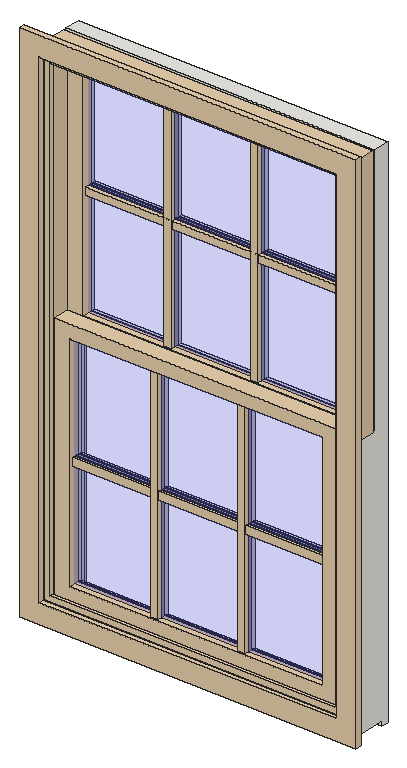
Revit family "Window-Double_Hung-Andersen-400_Series-Tilt_Wash 2", category Windows, host Wall, Revit 2013 (continued)
Dimensions and locks (in)
  "Rough Opening Offset": plane 24 "R Rough Opening" to plane 4 "R Frame"
  "Rough Opening Offset": plane 5 "L Frame" to plane 14 "L Rough Opening"
  locked: plane 13 "L Xjamb 2" to plane 5 "L Frame" at 0.0625
  locked: plane 4 "R Frame" to plane 23 "R Xjamb 2" at 0.0625
  "VGB DLO": plane 18 "R Glazing" to nested 10
  "xjamb S1": host wall to plane 76 "Xjamb S1"
  locked: plane 51 "Flange" to plane 77 "Sash1 S1" at 0.46875
  locked: plane 51 "Flange" to plane 79 "Frame S1.2" at 0.25
  locked: plane 78 "Frame S1.1" to plane 51 "Flange" at 0.5625
  locked: plane 4 "R Frame" to plane 80 "R Ext Frame1" at 1.40625
  locked: plane 4 "R Frame" to plane 81 "R Ext Frame2" at 0.8125
  locked: plane 83 "L Ext Frame2" to plane 5 "L Frame" at 0.8125
  locked: plane 82 "L Ext Frame1" to plane 5 "L Frame" at 1.40625
  locked: plane 84 "T Ext Frame1" to plane 7 "T Frame" at 1.25
  locked: plane 85 "B Sill Drop" to plane 6 "B Frame" at 0.5625
  "Void Offset 2": Extrusion 2 sketch curve to plane 85 "B Sill Drop"
  "sill nose 2": plane 45 "B Casing 2" to plane 85 "B Sill Drop"
  locked: plane 44 "B Casing 1" to plane 85 "B Sill Drop" at 0.1875
  locked: plane 2 to plane 7 "T Frame" at 82.5
  equal spacing: plane 72 "R Masonry Opening", plane 3 "Center (Left/Right)", plane 73 "L Masonry Opening"
  "Masonry Width": plane 72 "R Masonry Opening" to plane 73 "L Masonry Opening"
  "Sill MO Offset": plane 75 "B Masonry Opening" to plane 85 "B Sill Drop"
  "Head MO Offset": plane 7 "T Frame" to plane 74 "T Masonry Opening"
  locked: plane 44 "B Casing 1" to Masking region 5 sketch curve (angle 10.00°)
  locked: plane 44 "B Casing 1" to Masking region 6 sketch curve (angle 10.00°)
  locked: plane 44 "B Casing 1" to Extrusion 5 sketch curve (angle 10.00°)
  aligned and locked: level to plane 2
  aligned and locked: plane 7 "T Frame" to Extrusion 1 sketch curve
  aligned and locked: plane 5 "L Frame" to Extrusion 1 sketch curve
  aligned and locked: Extrusion 1 sketch curve to plane 4 "R Frame"
  aligned and locked: Extrusion 1 sketch curve to plane 6 "B Frame"
  aligned and locked: host wall to Extrusion 1
  aligned and locked: plane 51 "Flange" to Extrusion 1
  aligned and locked: Masking region 1 sketch curve to plane 50 "Frame S1"
  aligned and locked: plane 63 "Frame S2" to Masking region 1 sketch curve
  aligned and locked: Masking region 1 sketch curve to plane 4 "R Frame"
  aligned and locked: plane 5 "L Frame" to Masking region 1 sketch curve
  aligned and locked: plane 51 "Flange" to Masking region 2 sketch curve  (x2)
  aligned and locked: plane 4 "R Frame" to Masking region 2 sketch curve
  aligned and locked: plane 50 "Frame S1" to Masking region 2 sketch curve
  aligned and locked: Masking region 2 sketch curve to plane 5 "L Frame"
  aligned and locked: plane 17 "L Casing 4" to Masking region 2 sketch curve
  aligned and locked: Masking region 2 sketch curve to plane 48 "Casing S1"
  aligned and locked: plane 16 "L Casing 3" to curve 1
  aligned and locked: plane 48 "Casing S1" to curve 1
  aligned and locked: plane 49 "Casing S2" to curve 1
  aligned and locked: plane 12 "L Casing 1" to curve 3
  aligned and locked: plane 50 "Frame S1" to curve 3
  aligned and locked: plane 15 "L Casing 2" to curve 2
  aligned and locked: Masking region 2 sketch curve to plane 27 "R Casing 4"
  aligned and locked: plane 26 "R Casing 3" to curve 4
  aligned and locked: plane 48 "Casing S1" to curve 4
  aligned and locked: plane 22 "R Casing 1" to curve 6
  aligned and locked: plane 50 "Frame S1" to curve 6
  aligned and locked: plane 25 "R Casing 2" to curve 5
  aligned and locked: plane 18 "R Glazing" to curve 8
  aligned and locked: plane 18 "R Glazing" to curve 11
  aligned and locked: plane 8 "L Glazing" to curve 8
  aligned and locked: plane 8 "L Glazing" to curve 11
  aligned and locked: curve 7 to plane 52 "Glass1 S1"
  aligned and locked: curve 8 to plane 53 "Glass1 S2"
  aligned and locked: curve 9 to plane 54 "Glass1 S3"
  aligned and locked: curve 10 to plane 55 "Glass1 S4"
  aligned and locked: curve 11 to plane 58 "Glass2 S1"
  aligned and locked: curve 12 to plane 59 "Glass2 S2"
  aligned and locked: curve 13 to plane 60 "Glass2 S3"
  aligned and locked: curve 14 to plane 61 "Glass2 S4"
  aligned and locked: plane 63 "Frame S2" to curve 21
  aligned and locked: plane 56 "Sash1 S2" to curve 17
  aligned and locked: curve 18 to plane 57 "Sash2 S1"
  aligned and locked: plane 62 "Sash2 S2" to curve 20
  aligned and locked: plane 18 "R Glazing" to curve 19
  aligned and locked: plane 63 "Frame S2" to curve 28
  aligned and locked: curve 24 to plane 56 "Sash1 S2"
  aligned and locked: plane 57 "Sash2 S1" to curve 25
  aligned and locked: curve 27 to plane 62 "Sash2 S2"
  aligned and locked: plane 8 "L Glazing" to curve 26
  aligned and locked: plane 8 "L Glazing" to curve 23
  aligned and locked: Masking region 3 sketch curve to plane 4 "R Frame"
  aligned and locked: plane 5 "L Frame" to Masking region 3 sketch curve
  aligned and locked: Masking region 3 sketch curve to plane 68 "Exterior Offset"
  aligned and locked: plane 68 "Exterior Offset" to curve 29
  aligned and locked: host wall to curve 29
  aligned and locked: plane 68 "Exterior Offset" to curve 30
  aligned and locked: host wall to curve 31
  aligned and locked: plane 7 "T Frame" to Masking region 4 sketch curve
  aligned and locked: Masking region 4 sketch curve to plane 6 "B Frame"
  aligned and locked: plane 63 "Frame S2" to Masking region 4 sketch curve
  aligned and locked: Masking region 4 sketch curve to plane 50 "Frame S1"
  aligned and locked: plane 50 "Frame S1" to Masking region 5 sketch curve
  aligned and locked: Masking region 5 sketch curve to plane 50 "Frame S1"
  aligned and locked: Masking region 5 sketch curve to plane 51 "Flange"
  aligned and locked: plane 45 "B Casing 2" to Masking region 5 sketch curve
  aligned and locked: Masking region 6 sketch curve to plane 50 "Frame S1"
  aligned and locked: plane 48 "Casing S1" to Masking region 6 sketch curve
  aligned and locked: Masking region 6 sketch curve to plane 38 "T Casing 4"
  aligned and locked: Masking region 6 sketch curve to plane 51 "Flange"
  aligned and locked: plane 7 "T Frame" to Masking region 6 sketch curve
  aligned and locked: plane 49 "Casing S2" to curve 33
  aligned and locked: plane 33 "T Casing 1" to curve 35
  aligned and locked: plane 50 "Frame S1" to curve 35
  aligned and locked: plane 29 "T Glazing" to curve 36
  aligned and locked: plane 29 "T Glazing" to curve 38
  aligned and locked: plane 29 "T Glazing" to curve 40
  aligned and locked: plane 29 "T Glazing" to curve 42
  aligned and locked: plane 67 "T Check Rail" to curve 36
  aligned and locked: plane 67 "T Check Rail" to curve 38
  aligned and locked: plane 67 "T Check Rail" to curve 40
  aligned and locked: plane 67 "T Check Rail" to curve 42
  aligned and locked: plane 65 "B Check Rail" to curve 37
  aligned and locked: plane 65 "B Check Rail" to curve 39
  aligned and locked: plane 65 "B Check Rail" to curve 41
  aligned and locked: plane 65 "B Check Rail" to curve 43
  aligned and locked: plane 40 "B Glazing" to curve 37
  aligned and locked: plane 40 "B Glazing" to curve 39
  aligned and locked: plane 40 "B Glazing" to curve 41
  aligned and locked: plane 40 "B Glazing" to curve 43
  aligned and locked: plane 52 "Glass1 S1" to curve 36
  aligned and locked: plane 53 "Glass1 S2" to curve 38
  aligned and locked: plane 54 "Glass1 S3" to curve 40
  aligned and locked: plane 55 "Glass1 S4" to curve 42
  aligned and locked: plane 58 "Glass2 S1" to curve 37
  aligned and locked: plane 59 "Glass2 S2" to curve 39
  aligned and locked: plane 60 "Glass2 S3" to curve 41
  aligned and locked: plane 61 "Glass2 S4" to curve 43
  aligned and locked: plane 38 "T Casing 4" to Masking region 7 sketch curve
  aligned and locked: plane 17 "L Casing 4" to Masking region 7 sketch curve
  aligned and locked: Masking region 7 sketch curve to plane 27 "R Casing 4"
  aligned and locked: Masking region 7 sketch curve to plane 45 "B Casing 2"
  aligned and locked: plane 7 "T Frame" to Masking region 8 sketch curve
  aligned and locked: plane 5 "L Frame" to Masking region 8 sketch curve
  aligned and locked: Masking region 8 sketch curve to plane 4 "R Frame"
  aligned and locked: plane 30 "T Ext Frame" to curve 44
  aligned and locked: plane 9 "L Ext Frame" to curve 45
  aligned and locked: curve 47 to plane 19 "R Ext Frame"
  aligned and locked: curve 46 to plane 41 "B Ext Frame"
  aligned and locked: plane 29 "T Glazing" to curve 48
  aligned and locked: curve 51 to plane 18 "R Glazing"
  aligned and locked: curve 50 to plane 67 "T Check Rail"
  aligned and locked: plane 8 "L Glazing" to curve 49
  aligned and locked: plane 65 "B Check Rail" to curve 52
  aligned and locked: curve 55 to plane 18 "R Glazing"
  aligned and locked: plane 8 "L Glazing" to curve 53
  aligned and locked: curve 54 to plane 40 "B Glazing"
  aligned and locked: plane 5 "L Frame" to curve 57
  aligned and locked: plane 4 "R Frame" to curve 57
  aligned and locked: plane 9 "L Ext Frame" to curve 56
  aligned and locked: plane 19 "R Ext Frame" to curve 56
  aligned and locked: plane 65 "B Check Rail" to curve 56
  aligned and locked: plane 65 "B Check Rail" to curve 57
  aligned and locked: plane 7 "T Frame" to Masking region 9 sketch curve
  aligned and locked: Masking region 9 sketch curve to plane 4 "R Frame"
  aligned and locked: plane 5 "L Frame" to Masking region 9 sketch curve
  aligned and locked: Masking region 9 sketch curve to plane 6 "B Frame"
  aligned and locked: plane 31 "T Int Frame" to curve 58
  aligned and locked: curve 59 to plane 20 "R Int Frame"
  aligned and locked: plane 10 "L Int Frame" to curve 61
  aligned and locked: curve 60 to plane 42 "B Int Frame"
  aligned and locked: plane 4 "R Frame" to curve 62
  aligned and locked: plane 5 "L Frame" to curve 62
  aligned and locked: plane 20 "R Int Frame" to curve 63
  aligned and locked: plane 10 "L Int Frame" to curve 63
  aligned and locked: plane 67 "T Check Rail" to curve 63
  aligned and locked: plane 67 "T Check Rail" to curve 62
  aligned and locked: plane 32 "T Xjamb 1" to Masking region 10 sketch curve
  aligned and locked: Masking region 10 sketch curve to plane 21 "R Xjamb 1"
  aligned and locked: plane 11 "L Xjamb 1" to Masking region 10 sketch curve
  aligned and locked: Masking region 10 sketch curve to plane 64 "B Xjamb 1"
  aligned and locked: Masking region 10 sketch curve to plane 46 "B Int Casing"
  aligned and locked: plane 47 "L Int Casing" to Masking region 10 sketch curve
  aligned and locked: Masking region 10 sketch curve to plane 28 "R Int Casing"
  aligned and locked: plane 39 "T Int Casing" to Masking region 10 sketch curve
  aligned and locked: plane 50 "Frame S1" to curve 64
  aligned and locked: curve 64 to plane 4 "R Frame"
  aligned and locked: plane 50 "Frame S1" to curve 65
  aligned and locked: plane 5 "L Frame" to curve 65
  aligned and locked: Masking region 3 sketch curve to host wall
  aligned and locked: plane 32 "T Xjamb 1" to Extrusion 3 sketch curve
  aligned and locked: plane 34 "T Xjamb 2" to Extrusion 3 sketch curve
  aligned and locked: Extrusion 3 sketch curve to plane 21 "R Xjamb 1"
  aligned and locked: Extrusion 3 sketch curve to plane 23 "R Xjamb 2"
  aligned and locked: plane 11 "L Xjamb 1" to Extrusion 3 sketch curve
  aligned and locked: plane 13 "L Xjamb 2" to Extrusion 3 sketch curve
  aligned and locked: Extrusion 3 sketch curve to plane 64 "B Xjamb 1"
  aligned and locked: Extrusion 3 sketch curve to plane 43 "B Xjamb 2"
  aligned and locked: plane 32 "T Xjamb 1" to Extrusion 4 sketch curve
  aligned and locked: plane 39 "T Int Casing" to Extrusion 4 sketch curve
  aligned and locked: Extrusion 4 sketch curve to plane 21 "R Xjamb 1"
  aligned and locked: Extrusion 4 sketch curve to plane 28 "R Int Casing"
  aligned and locked: plane 11 "L Xjamb 1" to Extrusion 4 sketch curve
  aligned and locked: plane 47 "L Int Casing" to Extrusion 4 sketch curve
  aligned and locked: Extrusion 4 sketch curve to plane 64 "B Xjamb 1"
  aligned and locked: Extrusion 4 sketch curve to plane 46 "B Int Casing"
  aligned and locked: Extrusion 4 to host wall
  aligned and locked: Extrusion 4 to plane 69 "Interior Casing"
  aligned and locked: plane 45 "B Casing 2" to Extrusion 5 sketch curve
  aligned and locked: plane 45 "B Casing 2" to Sweep 6 sketch curve  (x2)
  aligned and locked: plane 17 "L Casing 4" to Sweep 6 sketch curve  (x2)
  aligned and locked: Sweep 6 sketch curve to plane 27 "R Casing 4"
  aligned and locked: plane 38 "T Casing 4" to Sweep 6 sketch curve
  aligned and locked: plane 16 "L Casing 3" to Sweep 6 sketch curve
  aligned and locked: plane 49 "Casing S2" to Sweep 6 sketch curve
  aligned and locked: Sweep 6 sketch curve to plane 48 "Casing S1"
  aligned and locked: plane 51 "Flange" to Sweep 6 sketch curve
  aligned and locked: Sweep 6 sketch curve to plane 12 "L Casing 1"
  aligned and locked: Sweep 6 sketch curve to plane 49 "Casing S2"
  aligned and locked: plane 15 "L Casing 2" to Sweep 6 sketch curve
  aligned and locked: Extrusion 5 to plane 17 "L Casing 4"
  aligned and locked: plane 27 "R Casing 4" to Extrusion 5
  aligned and locked: plane 33 "T Casing 1" to Extrusion 7 sketch curve
  aligned and locked: plane 38 "T Casing 4" to Extrusion 7 sketch curve
  aligned and locked: plane 12 "L Casing 1" to Extrusion 7 sketch curve
  aligned and locked: plane 17 "L Casing 4" to Extrusion 7 sketch curve
  aligned and locked: Extrusion 7 sketch curve to plane 22 "R Casing 1"
  aligned and locked: Extrusion 7 sketch curve to plane 27 "R Casing 4"
  aligned and locked: Extrusion 7 sketch curve to plane 45 "B Casing 2"
  aligned and locked: plane 48 "Casing S1" to Extrusion 7
  aligned and locked: plane 51 "Flange" to Extrusion 7
  aligned and locked: Extrusion 8 sketch curve to plane 66 "Check Rail"
  aligned and locked: Extrusion 8 sketch curve to plane 67 "T Check Rail"
  aligned and locked: plane 8 "L Glazing" to Extrusion 8 sketch curve
  aligned and locked: Extrusion 8 sketch curve to plane 18 "R Glazing"
  aligned and locked: plane 29 "T Glazing" to Extrusion 8 sketch curve
  aligned and locked: plane 52 "Glass1 S1" to Extrusion 8
  aligned and locked: Extrusion 8 to plane 56 "Sash1 S2"
  aligned and locked: Extrusion 9 sketch curve to plane 67 "T Check Rail"  (x2)
  aligned and locked: Extrusion 9 sketch curve to plane 8 "L Glazing"
  aligned and locked: Extrusion 9 sketch curve to plane 29 "T Glazing"
  aligned and locked: plane 18 "R Glazing" to Extrusion 9 sketch curve
  aligned and locked: Extrusion 9 to plane 52 "Glass1 S1"
  aligned and locked: Extrusion 10 sketch curve to plane 65 "B Check Rail"  (x2)
  aligned and locked: plane 41 "B Ext Frame" to Extrusion 10 sketch curve
  aligned and locked: Extrusion 10 sketch curve to plane 18 "R Glazing"
  aligned and locked: plane 8 "L Glazing" to Extrusion 10 sketch curve
  aligned and locked: Extrusion 10 sketch curve to plane 40 "B Glazing"
  aligned and locked: plane 58 "Glass2 S1" to Extrusion 10
  aligned and locked: Extrusion 10 to plane 62 "Sash2 S2"
  aligned and locked: plane 66 "Check Rail" to Extrusion 11 sketch curve
  aligned and locked: Extrusion 11 sketch curve to plane 41 "B Ext Frame"
  aligned and locked: plane 8 "L Glazing" to Extrusion 11 sketch curve
  aligned and locked: Extrusion 11 sketch curve to plane 40 "B Glazing"
  aligned and locked: Extrusion 11 sketch curve to plane 18 "R Glazing"
  aligned and locked: plane 65 "B Check Rail" to Extrusion 11 sketch curve
  aligned and locked: Extrusion 11 to plane 58 "Glass2 S1"
  aligned and locked: plane 57 "Sash2 S1" to Extrusion 11
  aligned and locked: Extrusion 12 sketch curve to plane 67 "T Check Rail"
  aligned and locked: plane 56 "Sash1 S2" to Extrusion 12 sketch curve
  aligned and locked: plane 66 "Check Rail" to Extrusion 12 sketch curve
  aligned and locked: plane 58 "Glass2 S1" to Extrusion 12 sketch curve
  aligned and locked: plane 65 "B Check Rail" to Extrusion 12 sketch curve
  aligned and locked: Extrusion 12 sketch curve to plane 62 "Sash2 S2"
  aligned and locked: plane 29 "T Glazing" to Extrusion 13 sketch curve
  aligned and locked: plane 8 "L Glazing" to Extrusion 13 sketch curve
  aligned and locked: Extrusion 13 sketch curve to plane 67 "T Check Rail"
  aligned and locked: Extrusion 13 sketch curve to plane 18 "R Glazing"
  aligned and locked: plane 52 "Glass1 S1" to Extrusion 13
  aligned and locked: Extrusion 13 to plane 55 "Glass1 S4"
  aligned and locked: plane 65 "B Check Rail" to Extrusion 14 sketch curve
  aligned and locked: Extrusion 14 sketch curve to plane 18 "R Glazing"
  aligned and locked: Extrusion 14 sketch curve to plane 40 "B Glazing"
  aligned and locked: plane 8 "L Glazing" to Extrusion 14 sketch curve
  aligned and locked: plane 58 "Glass2 S1" to Extrusion 14
  aligned and locked: Extrusion 14 to plane 61 "Glass2 S4"
  aligned and locked: nested 1 to plane 29 "T Glazing"
  aligned and locked: nested 1 to plane 3 "Center (Left/Right)"
  aligned and locked: nested 2 to plane 40 "B Glazing"
  aligned and locked: plane 8 "L Glazing" to nested 3
  aligned and locked: plane 8 "L Glazing" to nested 4
  aligned and locked: nested 5 to plane 29 "T Glazing"
  aligned and locked: plane 8 "L Glazing" to nested 6
  aligned and locked: nested 7 to plane 40 "B Glazing"
  aligned and locked: plane 8 "L Glazing" to nested 8
  aligned and locked: nested 9 to plane 29 "T Glazing"
  aligned and locked: nested 10 to plane 40 "B Glazing"
  aligned and locked: plane 8 "L Glazing" to nested 11
  aligned and locked: plane 8 "L Glazing" to nested 12
  aligned and locked: plane 8 "L Glazing" to nested 13
  aligned and locked: Extrusion 5 sketch curve to plane 51 "Flange"
  aligned and locked: host wall to Masking region 11 sketch curve
  aligned and locked: plane 4 "R Frame" to Masking region 11 sketch curve
  aligned and locked: Masking region 11 sketch curve to plane 5 "L Frame"
  aligned and locked: plane 68 "Exterior Offset" to Masking region 11 sketch curve
  aligned and locked: plane 27 "R Casing 4" to Masking region 11 sketch curve
  aligned and locked: Masking region 11 sketch curve to plane 17 "L Casing 4"
  aligned and locked: plane 20 "R Int Frame" to curve 21
  aligned and locked: curve 29 to plane 20 "R Int Frame"
  aligned and locked: curve 30 to plane 10 "L Int Frame"
  aligned and locked: plane 10 "L Int Frame" to curve 28
  aligned and locked: plane 7 "T Frame" to curve 67
  aligned and locked: curve 67 to plane 51 "Flange"
  aligned and locked: plane 6 "B Frame" to curve 69
  aligned and locked: curve 69 to plane 51 "Flange"
  aligned and locked: Masking region 12 sketch curve to plane 23 "R Xjamb 2"
  aligned and locked: plane 13 "L Xjamb 2" to Masking region 12 sketch curve
  aligned and locked: host wall to Masking region 13 sketch curve
  aligned and locked: plane 47 "L Int Casing" to Masking region 13 sketch curve
  aligned and locked: plane 69 "Interior Casing" to Masking region 13 sketch curve
  aligned and locked: Masking region 13 sketch curve to plane 28 "R Int Casing"
  aligned and locked: plane 21 "R Xjamb 1" to curve 177
  aligned and locked: host wall to curve 178
  aligned and locked: plane 69 "Interior Casing" to curve 178
  aligned and locked: plane 21 "R Xjamb 1" to curve 178
  aligned and locked: plane 11 "L Xjamb 1" to curve 179
  aligned and locked: host wall to curve 180
  aligned and locked: plane 69 "Interior Casing" to curve 180
  aligned and locked: plane 11 "L Xjamb 1" to curve 180
  aligned and locked: Masking region 14 sketch curve to plane 43 "B Xjamb 2"
  aligned and locked: plane 34 "T Xjamb 2" to Masking region 14 sketch curve
  aligned and locked: host wall to Masking region 15 sketch curve
  aligned and locked: Masking region 15 sketch curve to plane 46 "B Int Casing"
  aligned and locked: plane 69 "Interior Casing" to Masking region 15 sketch curve
  aligned and locked: plane 39 "T Int Casing" to Masking region 15 sketch curve
  aligned and locked: plane 64 "B Xjamb 1" to curve 183
  aligned and locked: host wall to curve 184
  aligned and locked: plane 69 "Interior Casing" to curve 184
  aligned and locked: plane 64 "B Xjamb 1" to curve 184
  aligned and locked: plane 32 "T Xjamb 1" to curve 181
  aligned and locked: host wall to curve 182
  aligned and locked: plane 69 "Interior Casing" to curve 182
  aligned and locked: plane 32 "T Xjamb 1" to curve 182
  aligned and locked: Extrusion 15 sketch curve to plane 67 "T Check Rail"
  aligned and locked: plane 65 "B Check Rail" to Extrusion 15 sketch curve
  aligned and locked: Extrusion 15 sketch curve to plane 57 "Sash2 S1"
  aligned and locked: Extrusion 15 sketch curve to plane 66 "Check Rail"
  aligned and locked: Extrusion 15 sketch curve to plane 52 "Glass1 S1"
  aligned and locked: plane 30 "T Ext Frame" to Extrusion 9 sketch curve
  aligned and locked: Extrusion 8 sketch curve to plane 30 "T Ext Frame"
  aligned and locked: plane 4 "R Frame" to curve 185
  aligned and locked: plane 5 "L Frame" to curve 185
  aligned and locked: host wall to curve 185
  aligned and locked: plane 76 "Xjamb S1" to curve 179
  aligned and locked: plane 76 "Xjamb S1" to curve 177
  aligned and locked: Masking region 12 sketch curve to host wall
  aligned and locked: Masking region 12 sketch curve to plane 76 "Xjamb S1"
  aligned and locked: plane 76 "Xjamb S1" to curve 181
  aligned and locked: plane 76 "Xjamb S1" to curve 183
  aligned and locked: Masking region 14 sketch curve to host wall
  aligned and locked: Masking region 14 sketch curve to plane 76 "Xjamb S1"
  aligned and locked: host wall to Extrusion 3
  aligned and locked: plane 76 "Xjamb S1" to Extrusion 3
  aligned and locked: plane 44 "B Casing 1" to Masking region 5 sketch curve
  aligned and locked: Extrusion 5 sketch curve to plane 6 "B Frame"
  aligned and locked: plane 6 "B Frame" to Extrusion 5 sketch curve
  aligned and locked: plane 50 "Frame S1" to Extrusion 5 sketch curve
  aligned and locked: plane 44 "B Casing 1" to Extrusion 5 sketch curve
  aligned and locked: Masking region 6 sketch curve to cut or joined group of Extrusion 5, Sweep 6
  aligned and locked: Extrusion 7 sketch curve to plane 6 "B Frame"
  aligned and locked: plane 77 "Sash1 S1" to curve 22
  aligned and locked: curve 15 to plane 77 "Sash1 S1"
  aligned and locked: plane 4 "R Frame" to curve 66
  aligned and locked: plane 51 "Flange" to curve 66
  aligned and locked: plane 5 "L Frame" to curve 243
  aligned and locked: curve 243 to plane 51 "Flange"
  aligned and locked: plane 50 "Frame S1" to curve 21
  aligned and locked: plane 50 "Frame S1" to curve 28
  aligned and locked: plane 77 "Sash1 S1" to cut or joined group of Extrusion 9, Extrusion 15  (x2)
  aligned and locked: plane 65 "B Check Rail" to curve 154
  aligned and locked: curve 155 to plane 77 "Sash1 S1"
  aligned and locked: Masking region 5 sketch curve to plane 85 "B Sill Drop"
  aligned and locked: Extrusion 16 sketch curve to plane 85 "B Sill Drop"
  aligned and locked: Extrusion 16 sketch curve to plane 50 "Frame S1"
  aligned and locked: plane 78 "Frame S1.1" to Extrusion 16 sketch curve  (x2)
  aligned and locked: Extrusion 16 sketch curve to plane 6 "B Frame"
  aligned and locked: Extrusion 16 sketch curve to curve 290
  aligned and locked: Extrusion 16 sketch curve to curve 287
  aligned and locked: Extrusion 16 sketch curve to curve 113
  aligned and locked: Masking region 4 to Extrusion 16 sketch curve
  aligned and locked: plane 58 "Glass2 S1" to Extrusion 16 sketch curve
  aligned and locked: Extrusion 16 to plane 5 "L Frame"
  aligned and locked: plane 4 "R Frame" to Extrusion 16
  aligned and locked: cut or joined group of Extrusion 10, Extrusion 12 to Extrusion 17 sketch curve
  aligned and locked: Extrusion 17 sketch curve to plane 42 "B Int Frame"
  aligned and locked: Extrusion 17 sketch curve to plane 63 "Frame S2"  (x2)
  aligned and locked: Extrusion 17 sketch curve to Masking region 4
  aligned and locked: Extrusion 17 to plane 5 "L Frame"
  aligned and locked: plane 4 "R Frame" to Extrusion 17
  aligned and locked: Extrusion 18 sketch curve to plane 4 "R Frame"
  aligned and locked: Extrusion 18 sketch curve to plane 50 "Frame S1"
  aligned and locked: plane 81 "R Ext Frame2" to Extrusion 18 sketch curve
  aligned and locked: curve 188 to Extrusion 18 sketch curve
  aligned and locked: Extrusion 16 to Extrusion 18 sketch curve
  aligned and locked: Extrusion 18 sketch curve to plane 79 "Frame S1.2"
  aligned and locked: plane 19 "R Ext Frame" to Extrusion 18 sketch curve
  aligned and locked: plane 58 "Glass2 S1" to Extrusion 18 sketch curve
  aligned and locked: Extrusion 18 sketch curve to plane 5 "L Frame"
  aligned and locked: plane 50 "Frame S1" to Extrusion 18 sketch curve
  aligned and locked: plane 83 "L Ext Frame2" to Extrusion 18 sketch curve
  aligned and locked: curve 254 to Extrusion 18 sketch curve
  aligned and locked: Extrusion 18 sketch curve to Extrusion 16
  aligned and locked: plane 79 "Frame S1.2" to Extrusion 18 sketch curve
  aligned and locked: plane 9 "L Ext Frame" to Extrusion 18 sketch curve
  aligned and locked: Extrusion 18 sketch curve to plane 58 "Glass2 S1"
  aligned and locked: plane 6 "B Frame" to Extrusion 18
  aligned and locked: Extrusion 18 to plane 66 "Check Rail"
  aligned and locked: Extrusion 16 sketch curve to plane 7 "T Frame"
  aligned and locked: plane 50 "Frame S1" to Extrusion 16 sketch curve
  aligned and locked: plane 30 "T Ext Frame" to Extrusion 16 sketch curve
  aligned and locked: plane 84 "T Ext Frame1" to Extrusion 16 sketch curve
  aligned and locked: plane 52 "Glass1 S1" to Extrusion 17 sketch curve
  aligned and locked: Extrusion 17 sketch curve to plane 7 "T Frame"
  aligned and locked: plane 31 "T Int Frame" to Extrusion 17 sketch curve
  aligned and locked: plane 62 "Sash2 S2" to Extrusion 17 sketch curve  (x2)
  aligned and locked: plane 32 "T Xjamb 1" to Extrusion 17 sketch curve
  aligned and locked: Extrusion 17 sketch curve to curve 113
  aligned and locked: plane 4 "R Frame" to Extrusion 19 sketch curve
  aligned and locked: Extrusion 19 sketch curve to plane 63 "Frame S2"
  aligned and locked: Extrusion 19 sketch curve to plane 20 "R Int Frame"
  aligned and locked: Extrusion 19 sketch curve to plane 62 "Sash2 S2"
  aligned and locked: plane 58 "Glass2 S1" to Extrusion 19 sketch curve
  aligned and locked: Extrusion 19 sketch curve to plane 58 "Glass2 S1"
  aligned and locked: plane 62 "Sash2 S2" to Extrusion 19 sketch curve
  aligned and locked: Extrusion 19 sketch curve to plane 10 "L Int Frame"
  aligned and locked: plane 63 "Frame S2" to Extrusion 19 sketch curve
  aligned and locked: plane 5 "L Frame" to Extrusion 19 sketch curve
  aligned and locked: plane 41 "B Ext Frame" to Extrusion 19
  aligned and locked: Extrusion 19 to plane 66 "Check Rail"
  aligned and locked: Extrusion 20 sketch curve to plane 4 "R Frame"
  aligned and locked: Extrusion 20 sketch curve to plane 50 "Frame S1"  (x2)
  aligned and locked: plane 81 "R Ext Frame2" to Extrusion 20 sketch curve
  aligned and locked: Extrusion 16 to Extrusion 20 sketch curve  (x2)
  aligned and locked: Extrusion 20 sketch curve to Extrusion 18  (x2)
  aligned and locked: Extrusion 20 sketch curve to plane 79 "Frame S1.2"  (x2)
  aligned and locked: plane 19 "R Ext Frame" to Extrusion 20 sketch curve
  aligned and locked: Extrusion 20 sketch curve to plane 83 "L Ext Frame2"
  aligned and locked: plane 5 "L Frame" to Extrusion 20 sketch curve
  aligned and locked: Extrusion 20 sketch curve to plane 9 "L Ext Frame"
  aligned and locked: plane 66 "Check Rail" to Extrusion 20
  aligned and locked: Extrusion 20 to plane 7 "T Frame"
  aligned and locked: plane 77 "Sash1 S1" to Extrusion 20 sketch curve  (x2)
  aligned and locked: plane 77 "Sash1 S1" to Extrusion 18 sketch curve
  aligned and locked: Extrusion 18 sketch curve to plane 77 "Sash1 S1"
  aligned and locked: plane 82 "L Ext Frame1" to Extrusion 18 sketch curve
  aligned and locked: plane 80 "R Ext Frame1" to Extrusion 18 sketch curve
  aligned and locked: plane 82 "L Ext Frame1" to Extrusion 11 sketch curve
  aligned and locked: Extrusion 11 sketch curve to plane 80 "R Ext Frame1"
  aligned and locked: Extrusion 16 sketch curve to plane 77 "Sash1 S1"
  aligned and locked: cut or joined group of Extrusion 9, Extrusion 15 to plane 82 "L Ext Frame1"
  aligned and locked: plane 80 "R Ext Frame1" to cut or joined group of Extrusion 9, Extrusion 15
  aligned and locked: plane 82 "L Ext Frame1" to Extrusion 9 sketch curve
  aligned and locked: Extrusion 9 sketch curve to plane 80 "R Ext Frame1"
  aligned and locked: Extrusion 21 sketch curve to plane 52 "Glass1 S1"  (x2)
  aligned and locked: Extrusion 21 sketch curve to plane 4 "R Frame"
  aligned and locked: plane 63 "Frame S2" to Extrusion 21 sketch curve  (x2)
  aligned and locked: plane 20 "R Int Frame" to Extrusion 21 sketch curve
  aligned and locked: plane 62 "Sash2 S2" to Extrusion 21 sketch curve  (x2)
  aligned and locked: plane 80 "R Ext Frame1" to Extrusion 21 sketch curve
  aligned and locked: Extrusion 21 sketch curve to plane 82 "L Ext Frame1"
  aligned and locked: Extrusion 21 sketch curve to plane 10 "L Int Frame"
  aligned and locked: plane 5 "L Frame" to Extrusion 21 sketch curve
  aligned and locked: plane 66 "Check Rail" to Extrusion 21
  aligned and locked: Extrusion 21 to plane 7 "T Frame"
  aligned and locked: Extrusion 19 sketch curve to plane 82 "L Ext Frame1"
  aligned and locked: Extrusion 19 sketch curve to plane 80 "R Ext Frame1"
  aligned and locked: plane 80 "R Ext Frame1" to Extrusion 8 sketch curve
  aligned and locked: Extrusion 8 sketch curve to plane 82 "L Ext Frame1"
  aligned and locked: plane 80 "R Ext Frame1" to cut or joined group of Extrusion 10, Extrusion 12
  aligned and locked: cut or joined group of Extrusion 10, Extrusion 12 to plane 82 "L Ext Frame1"
  aligned and locked: Extrusion 10 sketch curve to plane 82 "L Ext Frame1"
  aligned and locked: plane 80 "R Ext Frame1" to Extrusion 10 sketch curve
  aligned and locked: Extrusion 22 sketch curve to plane 5 "L Frame"
  aligned and locked: plane 85 "B Sill Drop" to Extrusion 22 sketch curve
  aligned and locked: plane 4 "R Frame" to Extrusion 22 sketch curve
  aligned and locked: Extrusion 22 sketch curve to plane 66 "Check Rail"  (x2)
  aligned and locked: plane 9 "L Ext Frame" to Extrusion 22 sketch curve
  aligned and locked: Extrusion 22 sketch curve to plane 41 "B Ext Frame"
  aligned and locked: Extrusion 22 sketch curve to plane 19 "R Ext Frame"
  aligned and locked: Extrusion 22 to plane 58 "Glass2 S1"
  aligned and locked: plane 50 "Frame S1" to Extrusion 22
  aligned and locked: Extrusion 23 sketch curve to plane 66 "Check Rail"  (x2)
  aligned and locked: Extrusion 23 sketch curve to plane 4 "R Frame"
  aligned and locked: plane 7 "T Frame" to Extrusion 23 sketch curve
  aligned and locked: plane 5 "L Frame" to Extrusion 23 sketch curve
  aligned and locked: Extrusion 23 sketch curve to plane 9 "L Ext Frame"
  aligned and locked: Extrusion 23 sketch curve to plane 84 "T Ext Frame1"
  aligned and locked: plane 19 "R Ext Frame" to Extrusion 23 sketch curve
  aligned and locked: Extrusion 23 to plane 52 "Glass1 S1"
  aligned and locked: plane 50 "Frame S1" to Extrusion 23
  aligned and locked: curve 5 to plane 49 "Casing S2"
  aligned and locked: plane 48 "Casing S1" to curve 64
  aligned and locked: plane 48 "Casing S1" to curve 65
  aligned and locked: plane 36 "T Casing 2" to curve 34
  aligned and locked: plane 37 "T Casing 3" to curve 33
  aligned and locked: plane 48 "Casing S1" to curve 33
Automatic sketch dimensions
  curve 66 to curve 66 = 0' - 1 1/2"  (x2)
  curve 67 to curve 67 = 0' - 1 1/2"
  curve 70 to curve 70 = 0' - 1 1/2"
  curve 69 to curve 69 = 0' - 1 1/2"
  curve 72 to curve 72 = 0' - 1 1/2"
  curve 187 to curve 188 = 0' - 0.8729"  (x2)
  curve 190 to curve 195 = 0' - 0.60354"
  curve 193 to curve 193 = 0' - 0 11/32"
  curve 194 to curve 77 = 0' - 0.37631"
  curve 76 to curve 76 = 0' - 0 5/8"
  curve 75 to curve 73 = 0' - 0.76291"
  curve 73 to curve 207 = 0' - 0 11/32"  (x2)
  curve 205 to curve 205 = 0' - 0 11/32"
  curve 204 to curve 199 = 0' - 0.30778"
  curve 199 to curve 198 = 0' - 0 5/8"
  curve 198 to curve 197 = 0' - 0.76291"  (x2)
  curve 196 to curve 209 = 0' - 0.21984"  (x2)
  curve 186 to curve 186 = 0' - 0 13/16"  (x2)
  curve 77 to curve 80 = 0' - 0.17458"
  curve 79 to curve 74 = 0' - 0 1/8"  (x2)
  curve 199 to curve 201 = 0' - 0 1/8"
  curve 202 to curve 197 = 0' - 0 1/8"  (x3)
  curve 208 to curve 208 = 0' - 0.43585"  (x2)
  curve 186 to curve 188 = 0' - 0.27468"
  curve 187 to curve 208 = 0' - 4.78922"
  curve 188 to curve 189 = 0' - 0.47599"
  curve 188 to curve 190 = 0' - 0 15/32"
  curve 204 to curve 204 = 0' - 0 27/32"
  curve 192 to curve 191 = 0' - 0 9/16"
  curve 204 to curve 199 = 0' - 0.801"
  curve 191 to curve 75 = 0' - 0.801"
  curve 199 to curve 207 = 0' - 0.55639"
  curve 73 to curve 206 = 0' - 0 11/32"
  curve 76 to curve 195 = 0' - 0.55639"
  curve 194 to curve 194 = 0' - 0.37631"
  curve 206 to curve 206 = 0' - 0.37631"
  curve 75 to curve 74 = 0' - 0 19/32"  (x2)
  curve 198 to curve 198 = 0' - 0 19/32"  (x2)
  curve 203 to curve 200 = 0' - 0.17458"
  curve 80 to curve 74 = 0' - 0.17678"
  curve 80 to curve 78 = 0' - 0 1/8"  (x2)
  curve 203 to curve 201 = 0' - 0 1/8"  (x2)
  curve 210 to curve 210 = 0' - 1 1/2"
  curve 243 to curve 243 = 0' - 1 1/2"
  curve 115 to curve 114 = 0' - 0 5/16"
  curve 114 to curve 116 = 0' - 0 5/8"
  curve 116 to curve 119 = 0' - 0 5/8"
  curve 119 to curve 292 = 0' - 0 1/8"
  curve 118 to curve 284 = 0' - 0 11/32"
  curve 282 to curve 290 = 0' - 3.60815"
  curve 115 to curve 115 = 0' - 0 3/16"  (x2)
  curve 116 to curve 133 = 0' - 0 1/8"
  curve 133 to curve 119 = 0' - 0 1/8"  (x2)
  curve 287 to curve 290 = 0' - 0.39185"
  curve 287 to curve 287 = 0' - 0 13/32"
  curve 113 to curve 114 = 0' - 1.30328"
  curve 113 to curve 286 = 0' - 0.78173"
  curve 286 to curve 284 = 0' - 0.4663"
  curve 292 to curve 117 = 0' - 0.30345"
  curve 118 to curve 284 = 0' - 0.07155"
  curve 121 to curve 120 = 0' - 0 7/16"
  curve 117 to curve 116 = 0' - 0.50905"
  curve 120 to curve 120 = 0' - 0.1587"
  curve 116 to curve 119 = 0' - 0"
  curve 290 to curve 287 = 0' - 0.10248"
  curve 131 to curve 119 = 0' - 0"
  curve 116 to curve 132 = 0' - 0"
  curve 124 to curve 123 = 0' - 0 5/16"
  curve 123 to curve 125 = 0' - 0 5/8"
  curve 125 to curve 128 = 0' - 0 5/8"
  curve 128 to curve 293 = 0' - 0 1/8"
  curve 127 to curve 285 = 0' - 0 11/32"
  curve 283 to curve 291 = 0' - 3.60815"
  curve 124 to curve 124 = 0' - 0 3/16"  (x2)
  curve 125 to curve 136 = 0' - 0 1/8"
  curve 136 to curve 128 = 0' - 0 1/8"  (x2)
  curve 289 to curve 291 = 0' - 0.39185"
  curve 289 to curve 289 = 0' - 0 13/32"
  curve 122 to curve 123 = 0' - 1.30328"
  curve 122 to curve 288 = 0' - 0.78173"
  curve 288 to curve 285 = 0' - 0.4663"
  curve 293 to curve 126 = 0' - 0.30345"
  curve 127 to curve 285 = 0' - 0.07155"
  curve 130 to curve 129 = 0' - 0 7/16"
  curve 126 to curve 125 = 0' - 0.50905"
  curve 129 to curve 129 = 0' - 0.1587"
  curve 125 to curve 128 = 0' - 0"
  curve 291 to curve 289 = 0' - 0.10248"
  curve 134 to curve 128 = 0' - 0"
  curve 125 to curve 135 = 0' - 0"
  curve 93 to curve 280 = 0' - 0 7/32"
  curve 92 to curve 86 = 0' - 1 15/16"
  curve 85 to curve 84 = 0' - 0 5/8"
  curve 84 to curve 82 = 0' - 0 5/8"
  curve 82 to curve 277 = 0' - 0 1/8"
  curve 277 to curve 276 = 0' - 0 7/32"
  curve 90 to curve 88 = 0' - 1 1/32"
  curve 93 to curve 93 = 0' - 0 9/32"  (x2)
  curve 84 to curve 109 = 0' - 0 1/8"
  curve 109 to curve 81 = 0' - 0 1/8"
  curve 87 to curve 87 = 0' - 0 13/16"
  curve 85 to curve 81 = 0' - 0"
  curve 81 to curve 90 = 0' - 0 5/32"
  curve 84 to curve 85 = 0' - 0 5/32"
  curve 84 to curve 83 = 0' - 0 5/8"
  curve 83 to curve 276 = 0' - 0 1/4"
  curve 85 to curve 280 = 0' - 0 3/4"
  curve 88 to curve 87 = 0' - 0 5/16"
  curve 92 to curve 91 = 0' - 0 21/32"
  curve 84 to curve 108 = 0' - 0"
  curve 107 to curve 81 = 0' - 0"
  curve 108 to curve 109 = 0' - 0 1/8"
  curve 277 to curve 89 = 0' - 0 1/8"
  curve 106 to curve 281 = 0' - 0 7/32"
  curve 105 to curve 99 = 0' - 1 15/16"
  curve 98 to curve 97 = 0' - 0 5/8"
  curve 97 to curve 95 = 0' - 0 5/8"
  curve 95 to curve 279 = 0' - 0 1/8"
  curve 279 to curve 278 = 0' - 0 7/32"
  curve 103 to curve 101 = 0' - 1 1/32"
  curve 106 to curve 106 = 0' - 0 9/32"  (x2)
  curve 97 to curve 112 = 0' - 0 1/8"
  curve 112 to curve 94 = 0' - 0 1/8"
  curve 100 to curve 100 = 0' - 0 13/16"
  curve 98 to curve 94 = 0' - 0"
  curve 94 to curve 103 = 0' - 0 5/32"
  curve 97 to curve 98 = 0' - 0 5/32"
  curve 97 to curve 96 = 0' - 0 5/8"
  curve 96 to curve 278 = 0' - 0 1/4"
  curve 98 to curve 281 = 0' - 0 3/4"
  curve 101 to curve 100 = 0' - 0 5/16"
  curve 105 to curve 104 = 0' - 0 21/32"
  curve 97 to curve 111 = 0' - 0"
  curve 110 to curve 94 = 0' - 0"
  curve 111 to curve 112 = 0' - 0 1/8"
  curve 279 to curve 102 = 0' - 0 1/8"
  curve 187 to curve 192 = 0' - 0 13/16"
  curve 190 to curve 194 = 0' - 0 7/32"
  curve 188 to curve 189 = 0' - 0 7/16"
  curve 191 to curve 193 = 0' - 0 1/8"
  curve 76 to curve 75 = 0' - 0 5/8"
  curve 74 to curve 73 = 0' - 0 5/8"
  curve 206 to curve 200 = 0' - 0 11/32"
  curve 200 to curve 197 = 0' - 0 5/8"
  curve 198 to curve 209 = 0' - 0 5/8"
  curve 77 to curve 80 = 0' - 0 1/8"
  curve 79 to curve 75 = 0' - 0 1/8"
  curve 73 to curve 204 = 0' - 0 9/16"
  curve 200 to curve 203 = 0' - 0 1/8"
  curve 208 to curve 208 = 0' - 0.28016"
  curve 186 to curve 187 = 0' - 0.27468"
  curve 187 to curve 208 = 0' - 0.25657"
  curve 187 to curve 190 = 0' - 0.31907"
  curve 188 to curve 191 = 0' - 0 3/16"
  curve 188 to curve 192 = 0' - 0 15/32"
  curve 190 to curve 195 = 0' - 0 9/16"
  curve 204 to curve 207 = 0' - 0 27/32"
  curve 77 to curve 75 = 0' - 0 9/32"
  curve 205 to curve 199 = 0' - 0 9/32"
  curve 75 to curve 73 = 0' - 0 7/16"
  curve 198 to curve 197 = 0' - 0 7/16"
  curve 76 to curve 195 = 0' - 0 7/16"
  curve 206 to curve 73 = 0' - 0"
  curve 194 to curve 194 = 0' - 0.15312"
  curve 206 to curve 206 = 0' - 0.15312"
  curve 208 to curve 208 = 0' - 0.33388"
  curve 203 to curve 200 = 0' - 0.12187"
  curve 80 to curve 74 = 0' - 0 1/8"
  curve 203 to curve 202 = 0' - 0 1/8"
  curve 80 to curve 79 = 0' - 0 1/8"
  curve 220 to curve 225 = 0' - 0 13/16"
  curve 223 to curve 227 = 0' - 0 7/32"
  curve 221 to curve 222 = 0' - 0 7/16"
  curve 224 to curve 226 = 0' - 0 1/8"
  curve 214 to curve 213 = 0' - 0 5/8"
  curve 212 to curve 211 = 0' - 0 5/8"
  curve 211 to curve 240 = 0' - 0 11/32"
  curve 239 to curve 233 = 0' - 0 11/32"
  curve 233 to curve 230 = 0' - 0 5/8"
  curve 231 to curve 242 = 0' - 0 5/8"
  curve 229 to curve 242 = 0' - 0.21984"
  curve 219 to curve 219 = 0' - 0 13/16"
  curve 215 to curve 218 = 0' - 0 1/8"
  curve 217 to curve 213 = 0' - 0 1/8"
  curve 211 to curve 237 = 0' - 0 9/16"
  curve 233 to curve 236 = 0' - 0 1/8"
  curve 235 to curve 230 = 0' - 0 1/8"
  curve 241 to curve 241 = 0' - 0.28016"
  curve 219 to curve 220 = 0' - 0.27468"
  curve 220 to curve 241 = 0' - 0.25657"
  curve 220 to curve 223 = 0' - 0.31907"
  curve 221 to curve 224 = 0' - 0 3/16"
  curve 221 to curve 225 = 0' - 0 15/32"
  curve 223 to curve 228 = 0' - 0 9/16"
  curve 237 to curve 240 = 0' - 0 27/32"
  curve 215 to curve 213 = 0' - 0 9/32"
  curve 238 to curve 232 = 0' - 0 9/32"
  curve 213 to curve 211 = 0' - 0 7/16"
  curve 231 to curve 230 = 0' - 0 7/16"
  curve 214 to curve 228 = 0' - 0 7/16"
  curve 239 to curve 211 = 0' - 0"
  curve 227 to curve 227 = 0' - 0.15312"
  curve 239 to curve 239 = 0' - 0.15312"
  curve 213 to curve 212 = 0' - 0 19/32"
  curve 231 to curve 231 = 0' - 0 19/32"
  curve 241 to curve 241 = 0' - 0.33388"
  curve 236 to curve 233 = 0' - 0.12187"
  curve 218 to curve 212 = 0' - 0 1/8"
  curve 236 to curve 235 = 0' - 0 1/8"
  curve 236 to curve 234 = 0' - 0 1/8"
  curve 218 to curve 216 = 0' - 0 1/8"
  curve 218 to curve 217 = 0' - 0 1/8"
  curve 258 to curve 253 = 0' - 0 13/16"
  curve 260 to curve 256 = 0' - 0 7/32"
  curve 255 to curve 254 = 0' - 0 7/16"
  curve 259 to curve 257 = 0' - 0 1/8"
  curve 246 to curve 247 = 0' - 0 5/8"
  curve 244 to curve 245 = 0' - 0 5/8"
  curve 273 to curve 244 = 0' - 0 11/32"
  curve 266 to curve 272 = 0' - 0 11/32"
  curve 263 to curve 266 = 0' - 0 5/8"
  curve 275 to curve 264 = 0' - 0 5/8"
  curve 275 to curve 262 = 0' - 0.21984"
  curve 252 to curve 252 = 0' - 0 13/16"
  curve 251 to curve 248 = 0' - 0 1/8"
  curve 246 to curve 250 = 0' - 0 1/8"
  curve 270 to curve 244 = 0' - 0 9/16"
  curve 269 to curve 266 = 0' - 0 1/8"
  curve 263 to curve 268 = 0' - 0 1/8"
  curve 274 to curve 274 = 0' - 0.28016"
  curve 252 to curve 253 = 0' - 0.27468"
  curve 253 to curve 274 = 0' - 0.25657"
  curve 253 to curve 256 = 0' - 0.31907"
  curve 254 to curve 257 = 0' - 0 3/16"
  curve 254 to curve 258 = 0' - 0 15/32"
  curve 256 to curve 261 = 0' - 0 9/16"
  curve 270 to curve 273 = 0' - 0 27/32"
  curve 248 to curve 246 = 0' - 0 9/32"
  curve 271 to curve 265 = 0' - 0 9/32"
  curve 246 to curve 244 = 0' - 0 7/16"
  curve 264 to curve 263 = 0' - 0 7/16"
  curve 247 to curve 261 = 0' - 0 7/16"
  curve 272 to curve 244 = 0' - 0"
  curve 260 to curve 260 = 0' - 0.15312"
  curve 272 to curve 272 = 0' - 0.15312"
  curve 246 to curve 245 = 0' - 0 19/32"
  curve 264 to curve 264 = 0' - 0 19/32"
  curve 274 to curve 274 = 0' - 0.33388"
  curve 269 to curve 266 = 0' - 0.12187"
  curve 251 to curve 245 = 0' - 0 1/8"
  curve 269 to curve 268 = 0' - 0 1/8"
  curve 269 to curve 267 = 0' - 0 1/8"
  curve 251 to curve 249 = 0' - 0 1/8"
  curve 251 to curve 250 = 0' - 0 1/8"
  curve 68 to curve 68 = 0' - 0 11/32"
  curve 68 to curve 68 = 0' - 0 5/32"
  curve 71 to curve 71 = 0' - 0 11/32"
  curve 71 to curve 71 = 0' - 0 5/32"
  curve 137 to curve 138 = 0' - 0 5/8"
  curve 139 to curve 141 = 0' - 0 5/8"
  curve 141 to curve 143 = 0' - 0 11/32"
  curve 148 to curve 295 = 0' - 0 5/8"
  curve 147 to curve 154 = 0' - 0 1/8"
  curve 294 to curve 155 = 0' - 0 7/32"
  curve 138 to curve 145 = 0' - 0 1/8"
  curve 144 to curve 141 = 0' - 0 1/8"
  curve 148 to curve 152 = 0' - 0 1/8"
  curve 151 to curve 147 = 0' - 0 1/8"
  curve 138 to curve 141 = 0' - 0"
  curve 138 to curve 137 = 0' - 0 5/32"
  curve 154 to curve 295 = 0' - 0 5/8"
  curve 141 to curve 140 = 0' - 0.66775"
  curve 147 to curve 148 = 0' - 0.18125"
  curve 139 to curve 137 = 0' - 0.70725"
  curve 138 to curve 145 = 0' - 0"
  curve 144 to curve 141 = 0' - 0"
  curve 144 to curve 146 = 0' - 0 1/8"
  curve 148 to curve 155 = 0' - 0.5375"
  curve 153 to curve 149 = 0' - 0 1/8"
  curve 153 to curve 152 = 0' - 0 1/8"
  curve 153 to curve 151 = 0' - 0 1/8"
  curve 151 to curve 147 = 0' - 0"
  curve 143 to curve 156 = 0' - 0.56375"
  curve 150 to curve 148 = 0' - 0.405"
  curve 150 to curve 150 = 0' - 0 1/8"
  curve 157 to curve 158 = 0' - 0 5/8"
  curve 159 to curve 161 = 0' - 0 5/8"
  curve 161 to curve 163 = 0' - 0 11/32"
  curve 168 to curve 297 = 0' - 0 5/8"
  curve 167 to curve 174 = 0' - 0 1/8"
  curve 296 to curve 175 = 0' - 0 7/32"
  curve 158 to curve 165 = 0' - 0 1/8"
  curve 164 to curve 161 = 0' - 0 1/8"
  curve 168 to curve 172 = 0' - 0 1/8"
  curve 171 to curve 167 = 0' - 0 1/8"
  curve 158 to curve 161 = 0' - 0"
  curve 158 to curve 157 = 0' - 0 5/32"
  curve 174 to curve 297 = 0' - 0 5/8"
  curve 161 to curve 160 = 0' - 0.66775"
  curve 167 to curve 168 = 0' - 0.18125"
  curve 159 to curve 157 = 0' - 0.70725"
  curve 158 to curve 165 = 0' - 0"
  curve 164 to curve 161 = 0' - 0"
  curve 164 to curve 166 = 0' - 0 1/8"
  curve 168 to curve 175 = 0' - 0.5375"
  curve 173 to curve 169 = 0' - 0 1/8"
  curve 173 to curve 172 = 0' - 0 1/8"
  curve 173 to curve 171 = 0' - 0 1/8"
  curve 171 to curve 167 = 0' - 0"
  curve 163 to curve 176 = 0' - 0.56375"
  curve 170 to curve 168 = 0' - 0.405"
  curve 170 to curve 170 = 0' - 0 1/8"
  host wall to curve 30 = 0' - 0"
  plane 85 "B Sill Drop" to Masking region 4 sketch curve = 0' - 0"
  plane 52 "Glass1 S1" to Masking region 4 sketch curve = 0' - 0.0989"
  Masking region 4 sketch curve to plane 46 "B Int Casing" = 0' - 0.80279"
  Masking region 4 sketch curve to plane 78 "Frame S1.1" = 0' - 0 5/32"
  Extrusion 15 sketch curve to plane 77 "Sash1 S1" = 0' - 0"
  Masking region 8 sketch curve to plane 85 "B Sill Drop" = 0' - 0"
Nested families (in)
  nested 1: "Andersen Grille Bar" at (0, 0.75, 67.3125) x (-1, 0, 0) z (0, 1, 0), Center Line <- "Bar Center Line", Bar Length <- "TS V Bar Length", Bar Width <- "Grille Bar Size", visible <- "TS S V", type "Andersen Grille Bar"
    with Glass / 2 0' - 0 1/8", Glass 0' - 0 5/8", Center Line Length 2' - 1 7/8", Center Line 2, Bar Width 0' - 0 7/8", Bar Length 2' - 1 7/8"
  nested 2: "Andersen Grille Bar" at (0, -1.1875, 39.9375) x (-1, 0, 0) z (0, 1, 0), Bar Length <- "BS V DLO", Bar Width <- "Grille Bar Size", visible <- "BS S V", type "Andersen Grille Bar"
    with Glass / 2 0' - 0 1/8", Glass 0' - 0 5/8", Center Line Length 2' - 1 7/8", Center Line 2, Bar Width 0' - 0 7/8", Bar Length 2' - 1 7/8"
  nested 3: "Andersen Grille Bar" at (0, 0.75, 67.3125) x (0, 0, -1) z (0, 1, 0), Bar Length <- "H DLO", visible <- "TS S H", Bar Width <- "Grille Bar Size", type "Andersen Grille Bar"
    with Glass / 2 0' - 0 1/8", Glass 0' - 0 5/8", Center Line Length 2' - 5 3/8", Center Line 2, Bar Width 0' - 0 7/8", Bar Length 2' - 5 3/8"
  nested 4: "Andersen Grille Bar" at (0, -1.1875, 39.9375) x (0, 0, -1) z (0, 1, 0), Bar Length <- "H DLO", Bar Width <- "Grille Bar Size", visible <- "BS S H", type "Andersen Grille Bar"
    with Glass / 2 0' - 0 1/8", Glass 0' - 0 5/8", Center Line Length 2' - 5 3/8", Center Line 2, Bar Width 0' - 0 7/8", Bar Length 2' - 5 3/8"
  nested 5: "Andersen Grille Bar" at (5.04167, 0.75, 67.3125) x (-1, 0, 0) z (0, 1, 0), Center Line <- "Bar Center Line", Bar Length <- "TS V Bar Length", Bar Width <- "Grille Bar Size", visible <- "TS M V", type "Andersen Grille Bar"
    with Glass / 2 0' - 0 1/8", Glass 0' - 0 5/8", Center Line Length 2' - 1 7/8", Center Line 2, Bar Width 0' - 0 7/8", Bar Length 2' - 1 7/8"
  nested 6: "Andersen Grille Bar" at (0, 0.75, 58.8125) x (0, 0, -1) z (0, 1, 0), Center Line <- "Bar Center Line", Bar Length <- "H DLO", visible <- "TS M H", Bar Width <- "Grille Bar Size", type "Andersen Grille Bar"
    with Glass / 2 0' - 0 1/8", Glass 0' - 0 5/8", Center Line Length 2' - 5 3/8", Center Line 2, Bar Width 0' - 0 7/8", Bar Length 2' - 5 3/8"
  nested 7: "Andersen Grille Bar" at (5.04167, -1.1875, 39.9375) x (-1, 0, 0) z (0, 1, 0), Center Line <- "Bar Center Line", Bar Length <- "BS V DLO", Bar Width <- "Grille Bar Size", visible <- "BS M V", type "Andersen Grille Bar"
    with Glass / 2 0' - 0 1/8", Glass 0' - 0 5/8", Center Line Length 2' - 1 7/8", Center Line 2, Bar Width 0' - 0 7/8", Bar Length 2' - 1 7/8"
  nested 8: "Andersen Grille Bar" at (0, -1.1875, 31.4375) x (0, 0, -1) z (0, 1, 0), Center Line <- "Bar Center Line", Bar Length <- "H DLO", Bar Width <- "Grille Bar Size", visible <- "BS M H", type "Andersen Grille Bar"
    with Glass / 2 0' - 0 1/8", Glass 0' - 0 5/8", Center Line Length 2' - 5 3/8", Center Line 2, Bar Width 0' - 0 7/8", Bar Length 2' - 5 3/8"
  nested 9: "Andersen Grille Bar" at (-5.04167, 0.75, 67.3125) x (-1, 0, 0) z (0, 1, 0), Center Line <- "Bar Center Line", Bar Length <- "TS V Bar Length", Bar Width <- "Grille Bar Size", visible <- "TS M V", type "Andersen Grille Bar"
    with Glass / 2 0' - 0 1/8", Glass 0' - 0 5/8", Center Line Length 2' - 1 7/8", Center Line 2, Bar Width 0' - 0 7/8", Bar Length 2' - 1 7/8"
  nested 10: "Andersen Grille Bar" at (-5.04167, -1.1875, 39.9375) x (-1, 0, 0) z (0, 1, 0), Center Line <- "Bar Center Line", Bar Length <- "BS V DLO", Bar Width <- "Grille Bar Size", visible <- "BS M V", type "Andersen Grille Bar"
    with Glass / 2 0' - 0 1/8", Glass 0' - 0 5/8", Center Line Length 2' - 1 7/8", Center Line 2, Bar Width 0' - 0 7/8", Bar Length 2' - 1 7/8"
  nested 11: "Andersen Grille Bar" at (0, -1.1875, 48.4375) x (0, 0, -1) z (0, 1, 0), Center Line <- "Bar Center Line", Bar Length <- "H DLO", Bar Width <- "Grille Bar Size", visible <- "BS M H", type "Andersen Grille Bar"
    with Glass / 2 0' - 0 1/8", Glass 0' - 0 5/8", Center Line Length 2' - 5 3/8", Center Line 2, Bar Width 0' - 0 7/8", Bar Length 2' - 5 3/8"
  nested 12: "Andersen Grille Bar" at (0, 0.75, 75.8125) x (0, 0, -1) z (0, 1, 0), Center Line <- "Bar Center Line", Bar Length <- "H DLO", visible <- "TS M H", Bar Width <- "Grille Bar Size", type "Andersen Grille Bar"
    with Glass / 2 0' - 0 1/8", Glass 0' - 0 5/8", Center Line Length 2' - 5 3/8", Center Line 2, Bar Width 0' - 0 7/8", Bar Length 2' - 5 3/8"
  nested 13: "Andersen Grille Bar" at (0, 0.75, 67.3125) x (0, 0, -1) z (0, 1, 0), Bar Length <- "H DLO", visible <- "TS S H Craftsman", Bar Width <- "Grille Bar Size", type "Andersen Grille Bar"
    with Glass / 2 0' - 0 1/8", Glass 0' - 0 5/8", Center Line Length 2' - 5 3/8", Center Line 2, Bar Width 0' - 0 7/8", Bar Length 2' - 5 3/8"
Definition of nested family "Andersen Grille Bar"
  Parameters (values of type "Andersen Grille Bar")
    Interior Bar Visibility = yes
    Interior Bar Material = none
    Glass / 2 [instance] = (Glass / 2) - 0' 0 3/16"  # 0' - 0 1/8"
    Glass [instance] = 0' - 0 5/8"
    Exterior Bar Visibility = yes
    Exterior Bar Finish = none
    Default Elevation = 4' - 0"
    Center Line Length [instance] = if(Center Line = 1, Bar Length + (Bar Width / 2), Bar Length)  # 0' - 4 7/16"
    Center Line [instance] = 1
    Between Glass Bar Visibility = yes
    Between Glass Bar Finish = none
    Bar Width [instance] = 0' - 0 7/8"
    Bar Length [instance] = 0' - 4"
  Reference planes (in)
    plane 1 "Center (Front/Back)": y = 0
    plane 2 "a": z = 0
    plane 3 "Center (Left/Right)": x = 0
    plane 4 "1": x = -0.4375
    plane 5 "2": x = 0.4375
    plane 6: y = 2
    plane 7: y = -2
    plane 8 "b": z = -0.625
    plane 9: z = -0.125
    plane 10: y = -2.4375
    plane 11 "a1": z = 12
    plane 12 "a2": z = -12
  Forms (in)
    Extrusion 1, solid
      sketch origin (0, 0, 0) x (1, 0, 0) y (0, 1, 0)
        loop
          line (-48, 48) -> (-48, -48) -> (48, -48) -> (48, 48) -> (-48, 48)
      from 0 to -12
    Extrusion 2, solid, material <- "Exterior Bar Finish", visible <- "Exterior Bar Visibility", detail levels fine
      sketch origin (0, 0, 0) x (1, 0, 0) y (0, 1, 0)
        loop
          line (-0.4375, 2) -> (-0.4375, -2) -> (0.4375, -2) -> (0.4375, 2) -> (-0.4375, 2)
      from 0 to 0.375
    Extrusion 3, solid, material <- "Between Glass Bar Finish", visible <- "Between Glass Bar Visibility", detail levels fine
      sketch origin (0, 0, 0) x (1, 0, 0) y (0, 1, 0)
        loop
          line (-0.4375, 2) -> (-0.4375, -2) -> (0.4375, -2) -> (0.4375, 2) -> (-0.4375, 2)
      from -0.5 to -0.125
    Extrusion 4, solid, material <- "Interior Bar Material", visible <- "Interior Bar Visibility", detail levels fine
      sketch origin (0, 0, 0) x (1, 0, 0) y (0, 1, 0)
        loop
          line (-0.4375, 2) -> (-0.4375, -2) -> (0.4375, -2) -> (0.4375, 2) -> (-0.4375, 2)
      from -1 to -0.625
  Lines and regions (in)
    model lines, style "GenericModel", detail levels coarse+medium
      curve 1: line (0, 2, 0) -> (0, -2.4375, 0)
    symbolic lines, style "GenericModel", detail levels coarse+medium
      curve 2: line (0, 2, 12) -> (0, -2.4375, 12)
      curve 3: line (0, 2, -12) -> (0, -2.4375, -12)
    model lines, style "InvisibleLines", not visible, detail levels coarse
      curve 4: line (0, 0, 12) -> (0, 0, -12)
    symbolic lines, detail levels fine
      curve 5: line (-0.4375, 2, 0) -> (-0.4375, -2, 0)
      curve 6: line (0.4375, 2, 0) -> (0.4375, -2, 0)
  Dimensions and locks (in)
    "Glass": plane 2 "a" to plane 8 "b"
    "Glass / 2": plane 2 "a" to plane 9
    locked: Extrusion 2 to Extrusion 2 at 0.375
    locked: plane 9 to Extrusion 3 at 0.375
    locked: plane 8 "b" to Extrusion 4 at 0.375
    equal spacing: plane 4 "1", plane 3 "Center (Left/Right)", plane 5 "2"
    equal spacing: plane 6, plane 1 "Center (Front/Back)", plane 7
    "Bar Width": plane 4 "1" to plane 5 "2"
    "Bar Length": plane 6 to plane 7
    "Center Line Length": plane 6 to plane 10
    locked: plane 11 "a1" to plane 2 "a" at 12
    locked: plane 2 "a" to plane 12 "a2" at 12
    aligned and locked: plane 2 "a" to Extrusion 1
    aligned and locked: level to Extrusion 1
    aligned and locked: Extrusion 2 to plane 2 "a"
    aligned and locked: Extrusion 2 to plane 4 "1"
    aligned and locked: plane 5 "2" to Extrusion 2
    aligned and locked: plane 6 to Extrusion 2
    aligned and locked: Extrusion 2 to plane 7
    aligned and locked: plane 9 to Extrusion 3
    aligned and locked: Extrusion 3 to plane 4 "1"
    aligned and locked: plane 5 "2" to Extrusion 3
    aligned and locked: plane 6 to Extrusion 3
    aligned and locked: Extrusion 3 to plane 7
    aligned and locked: plane 8 "b" to Extrusion 4
    aligned and locked: Extrusion 4 to plane 4 "1"
    aligned and locked: plane 5 "2" to Extrusion 4
    aligned and locked: plane 6 to Extrusion 4
    aligned and locked: Extrusion 4 to plane 7
    aligned and locked: plane 6 to curve 1
    aligned and locked: plane 10 to curve 1
    aligned and locked: curve 1 to plane 3 "Center (Left/Right)"
    aligned and locked: plane 6 to curve 2
    aligned and locked: plane 10 to curve 2
    aligned and locked: curve 2 to plane 3 "Center (Left/Right)"
    aligned and locked: plane 6 to curve 3
    aligned and locked: plane 10 to curve 3
    aligned and locked: curve 3 to plane 3 "Center (Left/Right)"
    aligned and locked: plane 11 "a1" to curve 4
    aligned and locked: plane 12 "a2" to curve 4
    aligned and locked: curve 4 to plane 1 "Center (Front/Back)"
    aligned and locked: plane 6 to curve 5
    aligned and locked: plane 6 to curve 6
    aligned and locked: plane 7 to curve 6
    aligned and locked: plane 7 to curve 5
    aligned and locked: curve 5 to plane 4 "1"
    aligned and locked: curve 6 to plane 5 "2"
  Automatic sketch dimensions
    Extrusion 1 sketch curve to Extrusion 1 sketch curve = 8' - 0"  (x2)
    plane 7 to Extrusion 2 sketch curve = 0' - 0"
    Extrusion 2 sketch curve to plane 5 "2" = 0' - 0 7/8"
    Extrusion 2 sketch curve to plane 6 = 0' - 0"
    Extrusion 2 sketch curve to Extrusion 2 sketch curve = 0' - 0 7/8"
    plane 7 to Extrusion 3 sketch curve = 0' - 0"
    Extrusion 3 sketch curve to plane 5 "2" = 0' - 0 7/8"
    Extrusion 3 sketch curve to plane 6 = 0' - 0"
    Extrusion 3 sketch curve to Extrusion 3 sketch curve = 0' - 0 7/8"
    Extrusion 4 sketch curve to plane 7 = 0' - 0"
    Extrusion 4 sketch curve to plane 5 "2" = 0' - 0 7/8"
    Extrusion 4 sketch curve to plane 6 = 0' - 0"
    Extrusion 4 sketch curve to Extrusion 4 sketch curve = 0' - 0 7/8"
